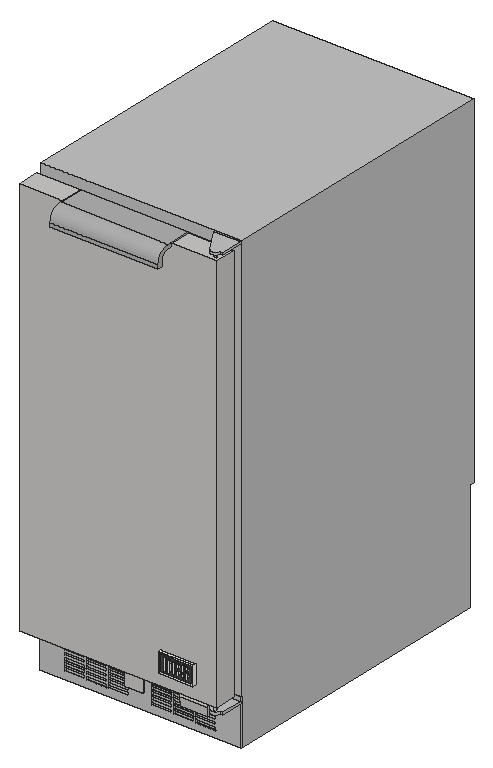
Revit family "DCS-Revit18-RF15IR3-Outdoor-Ice-Maker-0-9000xxxxA", category Specialty Equipment, Revit 2018
Family settings
  Round Connector Dimension = Use Diameter
  Part Type = Normal
  OmniClass Number = 23.40.40.00
  OmniClass Title = Food Service Equipment and Furnishings
  Work Plane-Based = No
  Always vertical = Yes
  Cut with Voids When Loaded = Yes
  Shared = No
  Room Calculation Point = No
Parameters (values of type "RF15IR3")
  Visibility - Clearance Required = yes
  URL = "www.dcsappliances.com"
  Product - Width = 378 mm  # constant formula
  Product - Height (857mm to 883mm) = 857 mm
  Product - Depth = 643 mm  # constant formula
  Model = "RF15IR3"
  Material - Handle = DCS - Aluminium
  Material - Door Front = DCS - Stainless Steel
  Material - Body = DCS - Grey
  Manufacturer = "Fisher & Paykel Appliances"
  Keynote = ""
  Description = "Outdoor Ice Maker"
  Connector Description - Water = "1/4\" copper tubing, 20 - 120 psi MAX"
  Connector Description - Sanitary = "Sanitary Trap required close by"
  Connector Description - Electrical = "115 V, 60 Hz, 15 A dedicated circuit"
  Chassis - Width = 378 mm  # constant formula
  Chassis - Height = 854 mm  # constant formula
  Chassis - Depth = 546 mm  # constant formula
  Cavity - Width = 381 mm  # constant formula
  Cavity - Height (863mm to 889mm) = ([Product - Height (857mm to 883mm)]) + 6 mm  # 863 mm
  Cavity - Depth = 613 mm  # constant formula
Reference planes
  plane 1 "Center (Front/Back)": y = 0
  plane 2: z = 0
  plane 3 "Center (Left/Right)": x = 0
  plane 4 "Product - LHS": x = -189
  plane 5 "Product - RHS": x = 189
  plane 6 "Cavity - LHS": x = -190.5
  plane 7 "Cavity - RHS": x = 190.5
  plane 8 "Product - Height": z = 857
  plane 9 "Cavity - Height": z = 863
  plane 10 "Chassis - Base": z = 3
  plane 11 "Door Front": y = -55.226
  plane 12 "Cavity - Depth": y = 557.774
  plane 13 "Product - Rear": y = 557.287
Forms (mm)
  Extrusion 1, solid, material "DCS - Grey" <- "Material - Body"
    sketch origin (0, 0, 0) x (0, 1, 0) y (0, 0, 1)
      loop
        line (0, 857) -> (0, 3) -> (537.3, 3) -> (537.3, 210.51) -> (546, 210.51) -> (546, 857) -> (0, 857)
    from -189 to 189
  Extrusion 2, solid, material "DCS - Aluminium" <- "Material - Handle"
    sketch origin (0, 0, 0) x (0, 1, 0) y (0, 0, 1)
      loop
        line (-14.843, 847.461) -> (-61.635, 847.461)
        arc (-61.635, 847.461) -> (-78.661, 840.408) -> (-85.713, 823.383) r 24.078
        line (-85.713, 823.383) -> (-85.713, 817.201) -> (-76.823, 817.201) -> (-76.823, 831.571)
        arc (-76.823, 831.571) -> (-71.316, 837.972) -> (-63.217, 840.361) r 14.926
        line (-63.217, 840.361) -> (-14.843, 840.361) -> (-14.843, 847.461)
    from -102.894 to 100.306
  Extrusion 3, void
    sketch origin (0, 0, 1000) x (1, 0, 0) y (0, 0, 1)
      loop
        circle (134, -820) r 16
      loop
        circle (82, -820) r 16
      loop
        circle (101.55, -966.389) r 8
      loop
        circle (40.562, -966.389) r 8
    from -552.627 to -530
  Extrusion 4, solid, material "DCS - Clearance Required", visible <- "Visibility - Clearance Required", detail levels coarse
    sketch origin (0, 0, 0) x (1, 0, 0) y (0, 1, 0)
      loop
        line (-190.5, 557.774) -> (-190.5, -55.226) -> (190.5, -55.226) -> (190.5, 557.774) -> (-190.5, 557.774)
    from 0 to 863
  Extrusion 5, solid, material "DCS - Grey" <- "Material - Body"
    sketch origin (0, 0, 0) x (0, 1, 0) y (0, 0, 1)
      loop
        line (-14.843, 837.455) -> (-14.843, 103.904) -> (0, 103.904) -> (0, 837.455) -> (-14.843, 837.455)
    from -166.248 to 166.248
  Extrusion 6, solid, material "DCS - Grey" <- "Material - Body"
    sketch origin (0, 0, 0) x (1, 0, 0) y (0, 1, 0)
      loop
        line (-148.178, 526.181) -> (-164.616, 516.69) -> (-164.616, 497.71) -> (-148.178, 488.219) -> (-131.741, 497.71) -> (-131.741, 516.69) -> (-148.178, 526.181)
      loop
        line (-148.178, 21.2) -> (-131.724, 30.7) -> (-131.724, 49.7) -> (-148.178, 59.2) -> (-164.633, 49.7) -> (-164.633, 30.7) -> (-148.178, 21.2)
      loop
        line (148.178, 526.181) -> (131.741, 516.69) -> (131.741, 497.71) -> (148.178, 488.219) -> (164.616, 497.71) -> (164.616, 516.69) -> (148.178, 526.181)
      loop
        line (148.178, 21.2) -> (164.633, 30.7) -> (164.633, 49.7) -> (148.178, 59.2) -> (131.724, 49.7) -> (131.724, 30.7) -> (148.178, 21.2)
    from 0 to 4.9
  Extrusion 7, solid, material "DCS - Grey" <- "Material - Body"
    sketch origin (0, 0, 0) x (1, 0, 0) y (0, 1, 0)
      loop
        circle (-148.178, 40.2) r 6
      loop
        circle (-148.178, 507.2) r 6
      loop
        circle (148.178, 40.2) r 6
      loop
        circle (148.178, 507.2) r 6
    from 4.9 to 3
  Extrusion 8, solid, material "DCS - Clearance Required", visible <- "Visibility - Clearance Required", detail levels coarse
    sketch origin (0, 5.226, 0) x (1, 0, 0) y (0, 1, 0)
      loop
        line (216.92, -60.453) -> (-184.428, -60.453)
        arc (-184.428, -60.453) -> (-71.39, -312.973) -> (186.92, -412.069) r 362.273
        line (186.92, -412.069) -> (216.92, -412.069) -> (216.92, -60.453)
    from 94.005 to 847.6
  Extrusion 9, solid, material "DCS - Grey" <- "Material - Body", detail levels fine
    sketch origin (0, 0, 0) x (1, 0, 0) y (0, 1, 0)
      loop
        arc (167.816, -49.154) -> (177.256, -53.078) -> (183.893, -45.304) r 8.687
        line (183.893, -45.304) -> (189, -43.935) -> (189, -2.3) -> (139.23, -2.3) -> (167.816, -49.154)
    from 854 to 857
  Extrusion 10, solid, material "DCS - Grey" <- "Material - Body", detail levels fine
    sketch origin (0, 0, 0) x (1, 0, 0) y (0, 1, 0)
      loop
        line (189, -43.935) -> (189, -2.3) -> (139.23, -2.3) -> (167.816, -49.154)
        arc (167.816, -49.154) -> (177.277, -53.168) -> (183.893, -45.304) r 8.647
        line (183.893, -45.304) -> (189, -43.935)
    from 78.2 to 82.194
  Extrusion 11, void
    sketch origin (0, 0, 0) x (1, 0, 0) y (0, 1, 0)
      loop
        line (-190.5, 557.774) -> (-190.5, -55.226) -> (190.5, -55.226) -> (190.5, 557.774) -> (-190.5, 557.774)
    from 0 to 863
  Extrusion 12, solid, material "DCS - Stainless Steel" <- "Material - Door Front"
    sketch origin (0, 0, 0) x (1, 0, 0) y (0, 0, 1)
      loop
        line (-184.428, 846.861) -> (-184.428, 94.005) -> (186.92, 94.005) -> (186.92, 846.861) -> (100.306, 846.861) -> (100.306, 840.482) -> (-102.894, 840.482) -> (-102.894, 846.861) -> (-184.428, 846.861)
    from 14.843 to 55.226
  Extrusion 13, solid, material "DCS - Grey" <- "Material - Body"
    sketch origin (0, 0, 0) x (0, 1, 0) y (0, 0, 1)
      loop
        line (537.3, 198.338) -> (537.3, 44.282) -> (552.627, 44.282) -> (552.627, 198.338) -> (537.3, 198.338)
    from -110.063 to 156.453
  Extrusion 14, solid, material "DCS - Grey" <- "Material - Body", detail levels fine
    sketch origin (0, 0, 0) x (1, 0, 0) y (0, 0, 1)
      loop
        line (-189, 89.286) -> (-189, 3) -> (189, 3) -> (189, 89.286) -> (-189, 89.286)
      loop
        line (-101.384, 75.564) -> (-101.384, 69.286) -> (-63.264, 69.286) -> (-63.264, 75.564) -> (-101.384, 75.564)
      loop
        line (-101.384, 66.886) -> (-101.384, 60.658) -> (-63.264, 60.658) -> (-63.264, 66.886) -> (-101.384, 66.886)
      loop
        line (-101.384, 58.186) -> (-101.384, 51.958) -> (-63.264, 51.958) -> (-63.264, 58.186) -> (-101.384, 58.186)
      loop
        line (-101.384, 49.486) -> (-101.384, 43.258) -> (-63.264, 43.258) -> (-63.264, 49.486) -> (-101.384, 49.486)
      loop
        line (-101.384, 40.786) -> (-101.384, 34.558) -> (-63.264, 34.558) -> (-63.264, 40.786) -> (-101.384, 40.786)
      loop
        line (-101.384, 32.086) -> (-101.384, 25.858) -> (-63.264, 25.858) -> (-63.264, 32.086) -> (-101.384, 32.086)
      loop
        line (-101.384, 23.378) -> (-101.384, 17.151) -> (-63.264, 17.151) -> (-63.264, 23.378) -> (-101.384, 23.378)
      loop
        line (-142.876, 66.798) -> (-142.876, 60.658) -> (-104.784, 60.658) -> (-104.784, 66.798) -> (-142.876, 66.798)
      loop
        line (-60.008, 75.564) -> (-60.008, 69.286) -> (-21.887, 69.286) -> (-21.887, 75.564) -> (-60.008, 75.564)
      loop
        line (-60.008, 66.886) -> (-60.008, 60.658) -> (-21.887, 60.658) -> (-21.887, 66.886) -> (-60.008, 66.886)
      loop
        line (-60.008, 58.186) -> (-60.008, 51.958) -> (-21.887, 51.958) -> (-21.887, 58.186) -> (-60.008, 58.186)
      loop
        line (-60.008, 49.486) -> (-60.008, 43.258) -> (-21.887, 43.258) -> (-21.887, 49.486) -> (-60.008, 49.486)
      loop
        line (-60.008, 40.786) -> (-60.008, 34.558) -> (-21.887, 34.558) -> (-21.887, 40.786) -> (-60.008, 40.786)
      loop
        line (-60.008, 32.086) -> (-60.008, 25.858) -> (-21.887, 25.858) -> (-21.887, 32.086) -> (-60.008, 32.086)
      loop
        line (-60.008, 23.378) -> (-60.008, 17.151) -> (-21.887, 17.151) -> (-21.887, 23.378) -> (-60.008, 23.378)
      loop
        line (-142.905, 58.186) -> (-142.905, 51.958) -> (-104.784, 51.958) -> (-104.784, 58.186) -> (-142.905, 58.186)
      loop
        line (-142.905, 49.486) -> (-142.905, 43.258) -> (-104.784, 43.258) -> (-104.784, 49.486) -> (-142.905, 49.486)
      loop
        line (-142.905, 40.786) -> (-142.905, 34.558) -> (-104.784, 34.558) -> (-104.784, 40.786) -> (-142.905, 40.786)
      loop
        line (-142.905, 32.086) -> (-142.905, 25.858) -> (-104.784, 25.858) -> (-104.784, 32.086) -> (-142.905, 32.086)
      loop
        line (-142.905, 23.378) -> (-142.905, 17.151) -> (-104.784, 17.151) -> (-104.784, 23.378) -> (-142.905, 23.378)
      loop
        line (101.384, 75.564) -> (63.264, 75.564) -> (63.264, 69.286) -> (101.384, 69.286) -> (101.384, 75.564)
      loop
        line (101.384, 66.886) -> (63.264, 66.886) -> (63.264, 60.658) -> (101.384, 60.658) -> (101.384, 66.886)
      loop
        line (101.384, 58.186) -> (63.264, 58.186) -> (63.264, 51.958) -> (101.384, 51.958) -> (101.384, 58.186)
      loop
        line (101.384, 49.486) -> (63.264, 49.486) -> (63.264, 43.258) -> (101.384, 43.258) -> (101.384, 49.486)
      loop
        line (101.384, 40.786) -> (63.264, 40.786) -> (63.264, 34.558) -> (101.384, 34.558) -> (101.384, 40.786)
      loop
        line (101.384, 32.086) -> (63.264, 32.086) -> (63.264, 25.858) -> (101.384, 25.858) -> (101.384, 32.086)
      loop
        line (101.384, 23.378) -> (63.264, 23.378) -> (63.264, 17.151) -> (101.384, 17.151) -> (101.384, 23.378)
      loop
        line (142.876, 66.798) -> (104.784, 66.798) -> (104.784, 60.658) -> (142.876, 60.658) -> (142.876, 66.798)
      loop
        line (60.008, 75.564) -> (21.887, 75.564) -> (21.887, 69.286) -> (60.008, 69.286) -> (60.008, 75.564)
      loop
        line (60.008, 66.886) -> (21.887, 66.886) -> (21.887, 60.658) -> (60.008, 60.658) -> (60.008, 66.886)
      loop
        line (60.008, 58.186) -> (21.887, 58.186) -> (21.887, 51.958) -> (60.008, 51.958) -> (60.008, 58.186)
      loop
        line (60.008, 49.486) -> (21.887, 49.486) -> (21.887, 43.258) -> (60.008, 43.258) -> (60.008, 49.486)
      loop
        line (60.008, 40.786) -> (21.887, 40.786) -> (21.887, 34.558) -> (60.008, 34.558) -> (60.008, 40.786)
      loop
        line (60.008, 32.086) -> (21.887, 32.086) -> (21.887, 25.858) -> (60.008, 25.858) -> (60.008, 32.086)
      loop
        line (60.008, 23.378) -> (21.887, 23.378) -> (21.887, 17.151) -> (60.008, 17.151) -> (60.008, 23.378)
      loop
        line (142.905, 58.186) -> (104.784, 58.186) -> (104.784, 51.958) -> (142.905, 51.958) -> (142.905, 58.186)
      loop
        line (142.905, 49.486) -> (104.784, 49.486) -> (104.784, 43.258) -> (142.905, 43.258) -> (142.905, 49.486)
      loop
        line (142.905, 40.786) -> (104.784, 40.786) -> (104.784, 34.558) -> (142.905, 34.558) -> (142.905, 40.786)
      loop
        line (142.905, 32.086) -> (104.784, 32.086) -> (104.784, 25.858) -> (142.905, 25.858) -> (142.905, 32.086)
      loop
        line (142.905, 23.378) -> (104.784, 23.378) -> (104.784, 17.151) -> (142.905, 17.151) -> (142.905, 23.378)
    from 0 to 2.3
  Extrusion 15, solid, material "DCS - Grey" <- "Material - Body", detail levels fine
    sketch origin (0, 0, 0) x (1, 0, 0) y (0, 0, 1)
      loop
        line (-143.624, 112.519) -> (-173.633, 112.519) -> (-173.633, 107.361) -> (-143.624, 107.361) -> (-143.624, 112.519)
      loop
        circle (-158.629, 87.205) r 15.004
    from -557.287 to -537.3
  Extrusion 16, solid, material "DCS - Stainless Steel" <- "Material - Door Front", detail levels fine
    sketch origin (0, 0, 0) x (1, 0, 0) y (0, 0, 1)
      loop
        line (-18.883, 103.904) -> (-18.883, 42.777)
        arc (-18.883, 42.777) -> (-18.004, 40.655) -> (-15.882, 39.776) r 3.001
        line (-15.882, 39.776) -> (13.033, 39.776)
        arc (13.033, 39.776) -> (15.16, 40.657) -> (16.041, 42.784) r 3.008
        line (16.041, 42.784) -> (16.041, 103.904) -> (-18.883, 103.904)
    from 14.023 to 14.843
  Extrusion 17, solid, material "DCS - Grey" <- "Material - Body", detail levels fine
    sketch origin (0, 0, 0) x (1, 0, 0) y (0, 1, 0)
      loop
        circle (-158.629, 539.787) r 3.515
    from 112.519 to 122
  Extrusion 18, solid, material "DCS - Stainless Steel" <- "Material - Door Front", detail levels fine
    sketch origin (0, 0, 0) x (0, 1, 0) y (0, 0, -1)
      loop
        arc (-57.37, -88.896) -> (-56.153, -92.481) -> (-52.689, -94.005) r 4.699
        line (-52.689, -94.005) -> (-22.026, -94.005) -> (-22.026, -91.338) -> (-52.689, -91.338)
        arc (-52.689, -91.338) -> (-54.187, -90.679) -> (-54.713, -89.129) r 2.032
        line (-54.713, -89.129) -> (-53.345, -73.489) -> (-56.002, -73.257) -> (-57.37, -88.896)
    from -170.285 to -118.312
  Extrusion 19, solid, material "DCS - Stainless Steel" <- "Material - Door Front", detail levels fine
    sketch origin (0, 0, 0) x (-1, 0, 0) y (0, -1, 0)
      loop
        circle (-175.2, 44.687) r 2.5
    from 82.194 to 854
Cuts and joins
  Extrusion 3 cuts Extrusion 13
  Extrusion 3 cuts Extrusion 1
Text (mm)
  text "Due to ongoing product development, product details are subject to change without notice. \nPlease always refer to www.fisherpaykel.com for the most current product information. \n© Fisher & Paykel 2020" at (41.04, -459.323, 0), in view "Ref. Level (Plan)"
Dimensions and locks
  equal spacing: plane 4 "Product - LHS", plane 3 "Center (Left/Right)", plane 5 "Product - RHS"
  plane 4 "Product - LHS" to plane 5 "Product - RHS" = 378 mm
  equal spacing: plane 6 "Cavity - LHS", plane 3 "Center (Left/Right)", plane 7 "Cavity - RHS"
  "Cavity - Width": plane 6 "Cavity - LHS" to plane 7 "Cavity - RHS"
  "Product - Height (857mm to 883mm)": plane 8 "Product - Height" to level
  "Chassis - Height": plane 8 "Product - Height" to plane 10 "Chassis - Base"
  equal spacing: Extrusion 5, plane 3 "Center (Left/Right)", Extrusion 5
  locked: Extrusion 6 to level at 4.9
  locked: plane 10 "Chassis - Base" to Extrusion 8 at 91.005
  plane 10 "Chassis - Base" to Extrusion 10 = 75.2 mm
  Extrusion 10 to Extrusion 10 = 3.994 mm
  locked: plane 8 "Product - Height" to Extrusion 8 at 9.4
  "Product - Width": plane 4 "Product - LHS" to plane 5 "Product - RHS"
  locked: plane 11 "Door Front" to Extrusion 2 at 30.487
  locked: Extrusion 2 to plane 1 "Center (Front/Back)" at 85.713
  Extrusion 1 to Extrusion 15 = 11.287 mm
  "Chassis - Depth": Extrusion 1 to plane 1 "Center (Front/Back)"
  "Cavity - Depth": plane 12 "Cavity - Depth" to plane 11 "Door Front"
  locked: nested 1 to plane 10 "Chassis - Base" at 115.403
  locked: plane 10 "Chassis - Base" to Extrusion 15 sketch curve at 109.519
  locked: Extrusion 10 to plane 10 "Chassis - Base" at 75.2
  locked: Extrusion 10 to plane 10 "Chassis - Base" at 79.194
  locked: plane 8 "Product - Height" to Extrusion 9 at 3
  locked: Extrusion 17 to plane 10 "Chassis - Base" at 119
  "Cavity - Height (863mm to 889mm)": plane 9 "Cavity - Height" to level
  "Product - Depth": plane 13 "Product - Rear" to Extrusion 2
  plane 1 "Center (Front/Back)" to plane 13 "Product - Rear" = 557.287 mm
  Extrusion 2 to plane 13 "Product - Rear" = 643 mm
  aligned and locked: level to plane 2
  aligned and locked: Extrusion 1 to plane 5 "Product - RHS"
  aligned and locked: plane 4 "Product - LHS" to Extrusion 1
  aligned and locked: plane 8 "Product - Height" to Extrusion 1
  aligned and locked: Extrusion 4 to level
  aligned and locked: plane 9 "Cavity - Height" to Extrusion 4
  aligned and locked: Extrusion 6 to level
  aligned and locked: Extrusion 7 to Extrusion 1
  aligned and locked: Extrusion 7 to Extrusion 6
  aligned and locked: Extrusion 1 to plane 10 "Chassis - Base"
  aligned and locked: Extrusion 11 to Extrusion 4  (x2)
  aligned and locked: Extrusion 1 to Extrusion 13 sketch curve
  aligned and locked: Extrusion 12 to plane 11 "Door Front"
  aligned and locked: Extrusion 1 to Extrusion 9
  aligned and locked: nested 1 to plane 11 "Door Front"
  aligned and locked: Extrusion 17 to Extrusion 15
  aligned and locked: plane 12 "Cavity - Depth" to Extrusion 11
  aligned and locked: plane 11 "Door Front" to Extrusion 8 sketch curve
  aligned and locked: Extrusion 19 to Extrusion 9
  aligned and locked: Extrusion 19 to Extrusion 10
  aligned and locked: plane 13 "Product - Rear" to Extrusion 15
Automatic sketch dimensions
  Extrusion 1 sketch curve to plane 1 "Center (Front/Back)" = 0 mm
  Extrusion 1 sketch curve to plane 10 "Chassis - Base" = 0 mm
  Extrusion 1 sketch curve to plane 8 "Product - Height" = 0 mm
  Extrusion 1 sketch curve to Extrusion 1 sketch curve = 207.51 mm
  Extrusion 2 sketch curve to plane 11 "Door Front" = 30.487 mm
  Extrusion 2 sketch curve to Extrusion 2 sketch curve = 8.89 mm
  Extrusion 2 sketch curve to plane 11 "Door Front" = 7.99 mm
  Extrusion 2 sketch curve to Extrusion 2 sketch curve = 1.582 mm
  plane 1 "Center (Front/Back)" to Extrusion 2 sketch curve = 14.843 mm
  Extrusion 2 sketch curve to plane 8 "Product - Height" = 39.799 mm
  Extrusion 2 sketch curve to Extrusion 2 sketch curve = 6.182 mm
  Extrusion 2 sketch curve to Extrusion 2 sketch curve = 2.052 mm
  Extrusion 2 sketch curve to Extrusion 2 sketch curve = 8.188 mm
  plane 1 "Center (Front/Back)" to Extrusion 4 sketch curve = 55.226 mm
  Extrusion 4 sketch curve to plane 6 "Cavity - LHS" = 0 mm
  Extrusion 4 sketch curve to plane 7 "Cavity - RHS" = 0 mm
  Extrusion 4 sketch curve to plane 12 "Cavity - Depth" = 0 mm
  Extrusion 5 sketch curve to plane 1 "Center (Front/Back)" = 0 mm
  plane 1 "Center (Front/Back)" to Extrusion 5 sketch curve = 14.843 mm
  plane 10 "Chassis - Base" to Extrusion 5 sketch curve = 100.904 mm
  Extrusion 5 sketch curve to plane 8 "Product - Height" = 19.545 mm
  Extrusion 6 sketch curve to plane 4 "Product - LHS" = 24.367 mm
  Extrusion 6 sketch curve to plane 4 "Product - LHS" = 24.384 mm
  Extrusion 6 sketch curve to Extrusion 6 sketch curve = 16.454 mm  (x6)
  Extrusion 6 sketch curve to Extrusion 6 sketch curve = 16.438 mm  (x6)
  plane 5 "Product - RHS" to Extrusion 6 sketch curve = 57.276 mm
  plane 5 "Product - RHS" to Extrusion 6 sketch curve = 57.259 mm
  Extrusion 6 sketch curve to plane 1 "Center (Front/Back)" = 21.2 mm  (x2)
  Extrusion 6 sketch curve to Extrusion 6 sketch curve = 9.5 mm  (x6)
  Extrusion 6 sketch curve to Extrusion 6 sketch curve = 19 mm  (x4)
  Extrusion 6 sketch curve to Extrusion 6 sketch curve = 9.49 mm  (x6)
  Extrusion 6 sketch curve to Extrusion 6 sketch curve = 18.981 mm  (x4)
  Extrusion 7 sketch curve to plane 4 "Product - LHS" = 40.822 mm  (x2)
  plane 5 "Product - RHS" to Extrusion 7 sketch curve = 40.822 mm  (x2)
  Extrusion 7 sketch curve to plane 1 "Center (Front/Back)" = 40.2 mm  (x2)
  Extrusion 9 sketch curve to plane 5 "Product - RHS" = 0 mm
  plane 5 "Product - RHS" to Extrusion 9 sketch curve = 5.107 mm
  Extrusion 9 sketch curve to Extrusion 9 sketch curve = 8.661 mm
  plane 11 "Door Front" to Extrusion 9 sketch curve = 6.072 mm
  Extrusion 9 sketch curve to Extrusion 9 sketch curve = 7.416 mm
  plane 1 "Center (Front/Back)" to Extrusion 9 sketch curve = 2.3 mm
  plane 5 "Product - RHS" to Extrusion 9 sketch curve = 49.77 mm
  plane 11 "Door Front" to Extrusion 9 sketch curve = 9.923 mm
  Extrusion 9 sketch curve to Extrusion 9 sketch curve = 1.368 mm
  Extrusion 10 sketch curve to plane 5 "Product - RHS" = 0 mm
  plane 5 "Product - RHS" to Extrusion 10 sketch curve = 5.107 mm
  Extrusion 10 sketch curve to Extrusion 10 sketch curve = 8.63 mm
  plane 11 "Door Front" to Extrusion 10 sketch curve = 6.072 mm
  Extrusion 10 sketch curve to Extrusion 10 sketch curve = 7.447 mm
  plane 1 "Center (Front/Back)" to Extrusion 10 sketch curve = 2.3 mm
  Extrusion 10 sketch curve to Extrusion 10 sketch curve = 49.77 mm
  plane 11 "Door Front" to Extrusion 10 sketch curve = 9.923 mm
  Extrusion 10 sketch curve to Extrusion 10 sketch curve = 1.368 mm
  plane 1 "Center (Front/Back)" to Extrusion 11 sketch curve = 55.226 mm
  Extrusion 11 sketch curve to plane 6 "Cavity - LHS" = 0 mm
  Extrusion 11 sketch curve to plane 7 "Cavity - RHS" = 0 mm
  Extrusion 11 sketch curve to plane 12 "Cavity - Depth" = 0 mm
  Extrusion 12 sketch curve to plane 4 "Product - LHS" = 4.572 mm
  Extrusion 12 sketch curve to plane 8 "Product - Height" = 16.518 mm
  Extrusion 12 sketch curve to Extrusion 12 sketch curve = 81.534 mm
  plane 5 "Product - RHS" to Extrusion 12 sketch curve = 88.694 mm
  plane 5 "Product - RHS" to Extrusion 12 sketch curve = 2.08 mm
  plane 10 "Chassis - Base" to Extrusion 12 sketch curve = 91.005 mm
  Extrusion 12 sketch curve to Extrusion 12 sketch curve = 6.379 mm  (x2)
  plane 10 "Chassis - Base" to Extrusion 13 sketch curve = 41.282 mm
  Extrusion 13 sketch curve to Extrusion 13 sketch curve = 154.056 mm
  Extrusion 15 sketch curve to plane 4 "Product - LHS" = 15.367 mm
  Extrusion 15 sketch curve to Extrusion 15 sketch curve = 15.004 mm  (x2)
  Extrusion 15 sketch curve to Extrusion 15 sketch curve = 5.158 mm
  Extrusion 15 sketch curve to Extrusion 15 sketch curve = 20.156 mm
  Extrusion 16 sketch curve to plane 3 "Center (Left/Right)" = 18.883 mm
  Extrusion 16 sketch curve to Extrusion 16 sketch curve = 3.001 mm
  plane 3 "Center (Left/Right)" to Extrusion 16 sketch curve = 13.033 mm
  plane 3 "Center (Left/Right)" to Extrusion 16 sketch curve = 16.041 mm
  plane 10 "Chassis - Base" to Extrusion 16 sketch curve = 36.776 mm
  Extrusion 16 sketch curve to Extrusion 16 sketch curve = 61.126 mm
  Extrusion 18 sketch curve to plane 11 "Door Front" = 2.144 mm
  Extrusion 18 sketch curve to plane 11 "Door Front" = 0.775 mm
  plane 11 "Door Front" to Extrusion 18 sketch curve = 0.513 mm
  plane 11 "Door Front" to Extrusion 18 sketch curve = 1.882 mm
  Extrusion 18 sketch curve to Extrusion 18 sketch curve = 2.024 mm
  Extrusion 18 sketch curve to Extrusion 18 sketch curve = 0 mm  (x2)
  plane 1 "Center (Front/Back)" to Extrusion 18 sketch curve = 22.026 mm
  plane 10 "Chassis - Base" to Extrusion 18 sketch curve = 91.005 mm
  Extrusion 18 sketch curve to Extrusion 18 sketch curve = 2.667 mm
  Extrusion 18 sketch curve to Extrusion 18 sketch curve = 2.032 mm
  Extrusion 19 sketch curve to plane 5 "Product - RHS" = 13.8 mm
  Extrusion 19 sketch curve to plane 11 "Door Front" = 10.54 mm
  plane 4 "Product - LHS" to Extrusion 14 sketch curve = 0 mm
  plane 5 "Product - RHS" to Extrusion 14 sketch curve = 0 mm
  Extrusion 14 sketch curve to plane 10 "Chassis - Base" = 0 mm
  plane 10 "Chassis - Base" to Extrusion 14 sketch curve = 20.378 mm
  Extrusion 14 sketch curve to plane 4 "Product - LHS" = 46.095 mm
  Extrusion 14 sketch curve to Extrusion 14 sketch curve = 0 mm  (x70)
  Extrusion 14 sketch curve to Extrusion 14 sketch curve = 0.029 mm  (x3)
  Extrusion 14 sketch curve to Extrusion 14 sketch curve = 3.399 mm  (x4)
  plane 10 "Chassis - Base" to Extrusion 14 sketch curve = 14.151 mm  (x4)
  Extrusion 14 sketch curve to Extrusion 14 sketch curve = 38.121 mm  (x4)
  Extrusion 14 sketch curve to Extrusion 14 sketch curve = 3.256 mm  (x5)
  Extrusion 14 sketch curve to plane 3 "Center (Left/Right)" = 21.887 mm  (x2)
  plane 3 "Center (Left/Right)" to Extrusion 14 sketch curve = 21.887 mm
  Extrusion 14 sketch curve to Extrusion 14 sketch curve = 38.092 mm
  Extrusion 14 sketch curve to Extrusion 14 sketch curve = 6.227 mm  (x4)
  Extrusion 14 sketch curve to Extrusion 14 sketch curve = 2.48 mm  (x6)
  Extrusion 14 sketch curve to Extrusion 14 sketch curve = 6.228 mm  (x20)
  Extrusion 14 sketch curve to Extrusion 14 sketch curve = 2.472 mm  (x24)
  Extrusion 14 sketch curve to Extrusion 14 sketch curve = 6.14 mm  (x2)
  Extrusion 14 sketch curve to Extrusion 14 sketch curve = 0.088 mm  (x2)
  Extrusion 14 sketch curve to Extrusion 14 sketch curve = 2.4 mm  (x4)
  Extrusion 14 sketch curve to Extrusion 14 sketch curve = 6.279 mm  (x2)
  Extrusion 14 sketch curve to Extrusion 14 sketch curve = 22.488 mm
  Extrusion 8 sketch curve to plane 4 "Product - LHS" = 4.572 mm
  plane 5 "Product - RHS" to Extrusion 8 sketch curve = 11.308 mm
  Extrusion 8 sketch curve to plane 7 "Cavity - RHS" = 26.42 mm
  plane 5 "Product - RHS" to Extrusion 8 sketch curve = 2.08 mm
  Extrusion 8 sketch curve to plane 11 "Door Front" = 351.616 mm
  Extrusion 1 sketch curve to plane 12 "Cavity - Depth" = 20.474 mm
  Extrusion 1 sketch curve to Extrusion 1 sketch curve = 8.7 mm
  Extrusion 6 sketch curve to plane 12 "Cavity - Depth" = 69.554 mm  (x2)
  Extrusion 7 sketch curve to plane 12 "Cavity - Depth" = 50.574 mm  (x2)
  Extrusion 13 sketch curve to plane 12 "Cavity - Depth" = 5.146 mm
  Extrusion 17 sketch curve to plane 13 "Product - Rear" = 17.5 mm
  Extrusion 17 sketch curve to plane 4 "Product - LHS" = 30.371 mm
  plane 3 "Center (Left/Right)" to Extrusion 3 sketch curve = 40.562 mm
  plane 3 "Center (Left/Right)" to Extrusion 3 sketch curve = 82 mm
  Extrusion 3 sketch curve to Extrusion 3 sketch curve = 60.988 mm
  Extrusion 3 sketch curve to Extrusion 3 sketch curve = 52 mm
  plane 10 "Chassis - Base" to Extrusion 3 sketch curve = 30.611 mm  (x2)
  Extrusion 3 sketch curve to Extrusion 3 sketch curve = 146.389 mm
  Extrusion 3 sketch curve to Extrusion 3 sketch curve = 0 mm
  radius of Extrusion 7 sketch curve = 6 mm  (x4)
  radius of Extrusion 15 sketch curve = 15.004 mm
  radius of Extrusion 19 sketch curve = 2.5 mm
  radius of Extrusion 17 sketch curve = 3.515 mm
  radius of Extrusion 3 sketch curve = 16 mm  (x2)
  radius of Extrusion 3 sketch curve = 8 mm  (x2)
Nested families
  nested 1: "DCS Logo New Small" at (113.8, -55.226, 136.403), type "DCS Logo New Small"
Connectors
  piping at (-158.629, 539.787, 122), diameter 8, driven by "Connector Description - Water"
    settings: on Extrusion 17, index 1, connector inside diameter 609.6 mm, connector length 0 mm, flow factor 0, pipe flow 0.0 L/s, pressure drop 0.0 Pa, fitting loss kfactor 0, connector angle 0.00°, fixture units 0, engagement length 0 mm, angle of deflection 0.00°, flow configuration 0, flow direction 1, fitting loss method 0, system type 20, joint type 0, gender type 0, connector reference index -1, connector utility 0, adjustable connector no, is connector primary yes, connector description "1/4\" copper tubing, 20 - 120 psi MAX"
  electrical at (101.55, 537.3, 33.611), driven by "Connector Description - Electrical"
    settings: on cut or joined group of Extrusion 1, Extrusion 3, index 6, voltage 115 V, apparent load 0 VA, apparent load phase1 0 VA, apparent load phase2 0 VA, apparent load phase3 0 VA, power factor 1, load classification "Other", number of poles 1, system type 30, power factor state 1, is connector primary yes, connector utility no, sub classification motor no, connector description "115 V, 60 Hz, 15 A dedicated circuit"
  piping at (40.562, 537.3, 33.611), diameter 10, driven by "Connector Description - Sanitary"
    settings: on cut or joined group of Extrusion 1, Extrusion 3, index 7, connector inside diameter 609.6 mm, connector length 0 mm, flow factor 0, pipe flow 0.0 L/s, pressure drop 0.0 Pa, fitting loss kfactor 0, connector angle 0.00°, fixture units 0, engagement length 0 mm, angle of deflection 0.00°, flow configuration 0, flow direction 2, fitting loss method 0, system type 16, joint type 0, gender type 0, connector reference index -1, connector utility 0, adjustable connector no, is connector primary no, connector description "Sanitary Trap required close by"
Definition of nested family "DCS Logo New Small"
  Parameters (values of type "DCS Logo New Small")
    URL = "www.dcsappliances.com"
    Product - Width = 65 mm
    Product - Height = 36 mm
    Product - Depth = 6 mm
    Material - Logo = none
    Material - Body = none
    Manufacturer = "Fisher & Paykel Appliances"
  Reference planes
    plane 1 "Center (Front/Back)": y = 0
    plane 2: z = 0
    plane 3 "Center (Left/Right)": x = 0
    plane 4 "Product Top": z = 18
    plane 5 "Product LHS": x = -32.5
    plane 6 "Product RHS": x = 32.5
    plane 7 "Product - Depth": y = -6
    plane 8 "Product Bottom": z = -18
  Forms (mm)
    Extrusion 1, solid, material <- "Material - Body", detail levels medium+fine
      sketch origin (0, 0, 0) x (1, 0, 0) y (0, 0, 1)
        loop
          line (-30.687, 16.148) -> (-30.687, -16) -> (30.687, -16) -> (30.687, 16.148) -> (-30.687, 16.148)
      from 0 to 4.974
    Extrusion 2, solid, material <- "Material - Logo", detail levels medium+fine
      sketch origin (0, 0, 0) x (1, 0, 0) y (0, 0, 1)
        loop
          line (-32.5, 18) -> (-32.5, -18) -> (32.5, -18) -> (32.5, 18) -> (-32.5, 18)
        loop
          line (-30.687, 16.148) -> (-30.687, -16) -> (30.687, -16) -> (30.687, 16.148) -> (-30.687, 16.148)
      from 0 to 6
    Extrusion 3, solid, material <- "Material - Logo", detail levels fine
      sketch origin (0, 0, 0) x (1, 0, 0) y (0, 0, 1)
        loop
          line (-22.895, 11.378) -> (-22.895, -11.378) -> (-18.587, -11.378) -> (-18.587, 11.378) -> (-22.895, 11.378)
        loop
          arc (-14.696, -11.417) -> (-11.63, -9.935) -> (-10.388, -6.764) r 4.666
          line (-10.388, -6.764) -> (-10.388, 6.764)
          arc (-10.388, 6.764) -> (-11.63, 9.934) -> (-14.696, 11.413) r 4.663
          line (-14.696, 11.413) -> (-14.696, -11.417)
        loop
          arc (-6.087, -6.764) -> (-4.893, -9.816) -> (-1.945, -11.246) r 4.496
          line (-1.945, -11.246) -> (-1.945, 11.249)
          arc (-1.945, 11.249) -> (-4.893, 9.817) -> (-6.087, 6.764) r 4.5
          line (-6.087, 6.764) -> (-6.087, -6.764)
        loop
          arc (1.945, -11.388) -> (5.01, -9.924) -> (6.254, -6.764) r 4.635
          line (6.254, -6.764) -> (6.254, -2.97) -> (1.945, -2.97) -> (1.945, -11.388)
        loop
          arc (6.124, 6.764) -> (4.925, 9.885) -> (1.945, 11.402) r 4.663
          line (1.945, 11.402) -> (1.945, 2.97) -> (6.124, 2.97) -> (6.124, 6.764)
        loop
          line (14.863, -1.871) -> (14.863, 11.386)
          arc (14.863, 11.386) -> (11.798, 9.924) -> (10.554, 6.764) r 4.633
          line (10.554, 6.764) -> (10.554, 3.069)
          arc (10.554, 3.069) -> (11.853, -0.147) -> (14.863, -1.871) r 5.298
        loop
          line (10.554, -5.092) -> (10.554, -6.764)
          arc (10.554, -6.764) -> (11.797, -9.934) -> (14.863, -11.413) r 4.663
          line (14.863, -11.413) -> (14.863, -5.092) -> (10.554, -5.092)
        loop
          line (18.753, 1.85) -> (18.753, -11.388)
          arc (18.753, -11.388) -> (21.818, -9.924) -> (23.062, -6.764) r 4.635
          line (23.062, -6.764) -> (23.062, -3.069)
          arc (23.062, -3.069) -> (21.832, 0.2) -> (18.753, 1.85) r 4.963
        loop
          line (18.753, 5.092) -> (23.062, 5.092) -> (23.062, 6.764)
          arc (23.062, 6.764) -> (21.819, 9.938) -> (18.753, 11.425) r 4.675
          line (18.753, 11.425) -> (18.753, 5.092)
      from 4.974 to 6
  Dimensions and locks
    plane 7 "Product - Depth" to plane 1 "Center (Front/Back)" = 6 mm
    "Product - Depth": plane 7 "Product - Depth" to plane 1 "Center (Front/Back)"
    "Product - Height": plane 4 "Product Top" to plane 8 "Product Bottom"
    equal spacing: plane 5 "Product LHS", plane 3 "Center (Left/Right)", plane 6 "Product RHS"
    "Product - Width": plane 5 "Product LHS" to plane 6 "Product RHS"
    equal spacing: plane 4 "Product Top", level, plane 8 "Product Bottom"
    aligned and locked: level to plane 2
    aligned and locked: Extrusion 2 sketch curve to plane 4 "Product Top"
    aligned and locked: Extrusion 2 sketch curve to plane 5 "Product LHS"
    aligned and locked: plane 8 "Product Bottom" to Extrusion 2 sketch curve
    aligned and locked: plane 6 "Product RHS" to Extrusion 2 sketch curve
    aligned and locked: Extrusion 2 to plane 7 "Product - Depth"
  Automatic sketch dimensions
    Extrusion 2 sketch curve to plane 5 "Product LHS" = 1.813 mm
    plane 6 "Product RHS" to Extrusion 2 sketch curve = 1.813 mm
    plane 8 "Product Bottom" to Extrusion 2 sketch curve = 2 mm
    Extrusion 2 sketch curve to plane 4 "Product Top" = 1.852 mm
    Extrusion 3 sketch curve to plane 3 "Center (Left/Right)" = 1.588 mm
    Extrusion 3 sketch curve to plane 3 "Center (Left/Right)" = 1.591 mm
    Extrusion 3 sketch curve to plane 3 "Center (Left/Right)" = 1.945 mm
    Extrusion 3 sketch curve to Extrusion 3 sketch curve = 4.5 mm
    Extrusion 3 sketch curve to Extrusion 3 sketch curve = 4.3 mm  (x2)
    Extrusion 3 sketch curve to Extrusion 3 sketch curve = 4.308 mm  (x6)
    Extrusion 3 sketch curve to Extrusion 3 sketch curve = 0.354 mm  (x2)
    Extrusion 3 sketch curve to Extrusion 3 sketch curve = 4.666 mm
    Extrusion 3 sketch curve to Extrusion 3 sketch curve = 3.891 mm  (x2)
    plane 3 "Center (Left/Right)" to Extrusion 3 sketch curve = 1.461 mm
    plane 3 "Center (Left/Right)" to Extrusion 3 sketch curve = 1.619 mm
    plane 3 "Center (Left/Right)" to Extrusion 3 sketch curve = 1.945 mm  (x2)
    Extrusion 3 sketch curve to Extrusion 3 sketch curve = 4.663 mm
    Extrusion 3 sketch curve to Extrusion 3 sketch curve = 4.43 mm
    Extrusion 3 sketch curve to Extrusion 3 sketch curve = 0.325 mm
    Extrusion 3 sketch curve to Extrusion 3 sketch curve = 0.658 mm
    Extrusion 3 sketch curve to Extrusion 3 sketch curve = 3.236 mm
    Extrusion 3 sketch curve to Extrusion 3 sketch curve = 3.199 mm
    Extrusion 3 sketch curve to Extrusion 3 sketch curve = 3.209 mm
    Extrusion 3 sketch curve to Extrusion 3 sketch curve = 0.366 mm
    Extrusion 3 sketch curve to Extrusion 3 sketch curve = 4.963 mm
    Extrusion 3 sketch curve to plane 4 "Product Top" = 29.417 mm
    Extrusion 3 sketch curve to plane 4 "Product Top" = 29.413 mm
    Extrusion 3 sketch curve to Extrusion 3 sketch curve = 0.026 mm
    Extrusion 3 sketch curve to Extrusion 3 sketch curve = 4.624 mm
    Extrusion 3 sketch curve to Extrusion 3 sketch curve = 0.038 mm
    Extrusion 3 sketch curve to Extrusion 3 sketch curve = 0.141 mm
    Extrusion 3 sketch curve to Extrusion 3 sketch curve = 1.673 mm  (x2)
    Extrusion 3 sketch curve to Extrusion 3 sketch curve = 3.695 mm
    Extrusion 3 sketch curve to Extrusion 3 sketch curve = 3.794 mm  (x3)
    Extrusion 3 sketch curve to Extrusion 3 sketch curve = 3.22 mm
    Extrusion 3 sketch curve to Extrusion 3 sketch curve = 5.94 mm
    Extrusion 3 sketch curve to Extrusion 3 sketch curve = 0.099 mm
    Extrusion 3 sketch curve to Extrusion 3 sketch curve = 3.241 mm
    Extrusion 3 sketch curve to Extrusion 3 sketch curve = 0 mm  (x2)
    Extrusion 3 sketch curve to Extrusion 3 sketch curve = 0.035 mm
    Extrusion 1 sketch curve to plane 5 "Product LHS" = 1.813 mm
    plane 6 "Product RHS" to Extrusion 1 sketch curve = 1.813 mm
    plane 8 "Product Bottom" to Extrusion 1 sketch curve = 2 mm
    Extrusion 1 sketch curve to plane 4 "Product Top" = 1.852 mm
